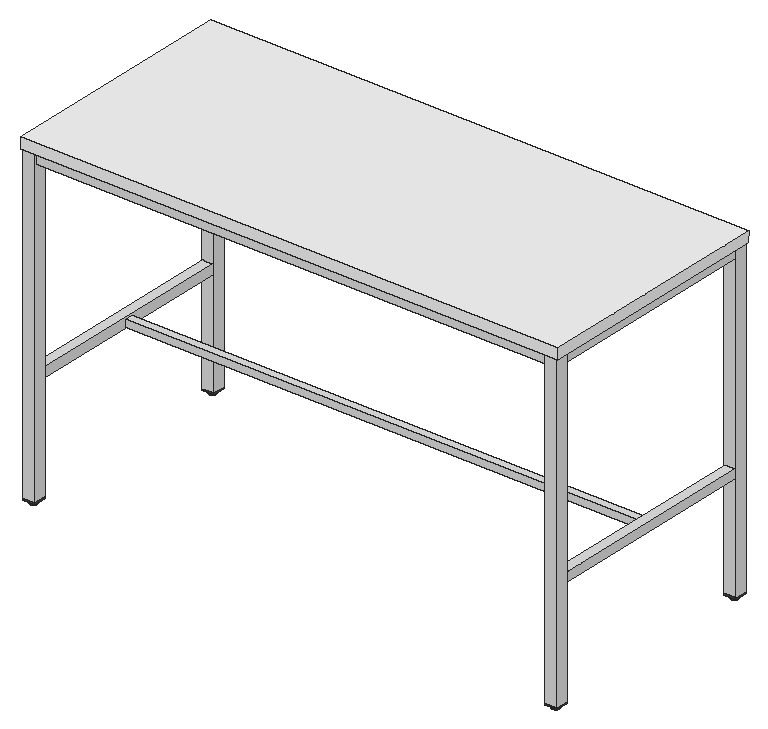
Revit family "Deck Steel Frame 800 Deep 1100 High", category Furniture, Revit 2016
Family settings
  OmniClass Number = 23.40.20.00
  OmniClass Title = General Furniture and Specialties
  Work Plane-Based = No
  Always vertical = Yes
  Cut with Voids When Loaded = No
  Shared = No
  Room Calculation Point = No
Parameters (values of type "1800 x 800")
  Width = 1800 mm
  URL = "www.gof.co.uk"
  Type Comments = ""
  Range = "DECK"
  Product Code = "DCPTSL188"
  Table Top = Gresham - White MFC
  Model = ""
  Manufacturer = "Gresham Office Furniture"  # constant formula
  Frame = Gresham - Silver Metal
  Foot = Gresham - Black Plastic
  Assembly Code = "E2020200"
Types (4, lengths in mm): name | Width | Product Code
  (no name) | 1800 | "DCPTSL188"
  1600 x 800 | 1600 | "DCPTSL168"
  1800 x 800 | 1800 | "DCPTSL188"
  1400 x 800 | 1400 | "DCPTSL148"
Reference planes
  plane 1 "Center (Front/Back)": y = 0
  plane 2: z = 0
  plane 3 "Center (Left/Right)": x = 0
  plane 4: x = -900
  plane 5: x = 900
  plane 6 "Table Underside": z = 1064
  plane 7: y = 400
  plane 8: y = -400
  plane 9 "Foot": z = 15
  plane 10 "Modesty Panel": z = 814
  plane 11: y = 62.5
  plane 12: y = -62.5
Forms (mm)
  Extrusion 1, solid, material "Gresham - Black Plastic"
    sketch origin (474.491, 501.168, 0) x (0.707107, -0.707107, 0) y (0.707107, 0.707107, 0)
      loop
        circle (902.648, -336.384) r 12
      loop
        circle (372.375, 193.889) r 12
    from 0 to 5
  Extrusion 2, solid, material "Gresham - White MFC" <- "Table Top"
    sketch origin (0, 0, 1064) x (-1, 0, 0) y (0, -1, 0)
      loop
        line (-900, -400) -> (900, -400) -> (900, 400) -> (-900, 400) -> (-900, -400)
    from 0 to 36
  Extrusion 3, solid, material "Gresham - Silver Metal" <- "Frame"
    sketch origin (995, -16.506, 0) x (0, -1, 0) y (0, 0, 1)
      loop
        line (338.494, 1064) -> (338.494, 15) -> (378.494, 15) -> (378.494, 1064) -> (338.494, 1064)
    from 100 to 140
  Extrusion 4, solid, material "Gresham - Silver Metal"
    sketch origin (0, 16.622, 15) x (-1, 0, 0) y (0, -1, 0)
      loop
        circle (-875, 391.622) r 5
      loop
        circle (-875, -358.378) r 5
    from -10 to -5
  Extrusion 5, solid, material "Gresham - Black Plastic" <- "Foot"
    sketch origin (0, 0, 15) x (-1, 0, 0) y (0, -1, 0)
      loop
        line (-895, 395) -> (-895, 355) -> (-855, 355) -> (-855, 395) -> (-895, 395)
      loop
        line (-895, -395) -> (-855, -395) -> (-855, -355) -> (-895, -355) -> (-895, -395)
      loop
        line (895, 395) -> (855, 395) -> (855, 355) -> (895, 355) -> (895, 395)
      loop
        line (895, -395) -> (895, -355) -> (855, -355) -> (855, -395) -> (895, -395)
    from 0 to -5
  Extrusion 6, solid, material "Gresham - Silver Metal" <- "Frame"
    sketch origin (-995, -16.506, 0) x (0, -1, 0) y (0, 0, -1)
      loop
        line (338.494, -1064) -> (378.494, -1064) -> (378.494, -15) -> (338.494, -15) -> (338.494, -1064)
    from 100 to 140
  Extrusion 7, solid, material "Gresham - Silver Metal" <- "Frame"
    sketch origin (995, 16.506, 0) x (0, 1, 0) y (0, 0, -1)
      loop
        line (338.494, -1064) -> (378.494, -1064) -> (378.494, -15) -> (338.494, -15) -> (338.494, -1064)
    from 100 to 140
  Extrusion 8, solid, material "Gresham - Silver Metal" <- "Frame"
    sketch origin (-995, 16.506, 0) x (0, 1, 0) y (0, 0, 1)
      loop
        line (338.494, 1064) -> (338.494, 15) -> (378.494, 15) -> (378.494, 1064) -> (338.494, 1064)
    from 100 to 140
  Extrusion 9, solid, material "Gresham - Black Plastic"
    sketch origin (-474.491, 501.168, 0) x (-0.707107, -0.707107, 0) y (0.707107, -0.707107, 0)
      loop
        circle (902.648, 336.384) r 12
      loop
        circle (372.375, -193.889) r 12
    from 0 to 5
  Extrusion 10, solid, material "Gresham - Silver Metal"
    sketch origin (0, 16.622, 15) x (1, 0, 0) y (0, 1, 0)
      loop
        circle (-875, -391.622) r 5
      loop
        circle (-875, 358.378) r 5
    from -10 to -5
  Extrusion 11, solid, material "Gresham - Silver Metal" <- "Frame"
    sketch origin (-855, -16.506, 0) x (0, -1, 0) y (0, 0, -1)
      loop
        line (374.494, -1064) -> (374.494, -1032) -> (342.494, -1032) -> (342.494, -1064) -> (374.494, -1064)
    from 0 to 1710
  Extrusion 12, solid, material "Gresham - Silver Metal" <- "Frame"
    sketch origin (-855, 16.506, 0) x (0, 1, 0) y (0, 0, 1)
      loop
        line (374.494, 1064) -> (342.494, 1064) -> (342.494, 1032) -> (374.494, 1032) -> (374.494, 1064)
    from 0 to 1710
  Extrusion 13, solid, material "Gresham - Silver Metal" <- "Frame"
    sketch origin (-516.506, 355, 0) x (-1, 0, 0) y (0, 0, -1)
      loop
        line (374.494, -1064) -> (374.494, -1032) -> (342.494, -1032) -> (342.494, -1064) -> (374.494, -1064)
    from 0 to 710
  Extrusion 14, solid, material "Gresham - Silver Metal" <- "Frame"
    sketch origin (516.506, 355, 0) x (1, 0, 0) y (0, 0, 1)
      loop
        line (374.494, 1064) -> (342.494, 1064) -> (342.494, 1032) -> (374.494, 1032) -> (374.494, 1064)
    from 0 to 710
  Extrusion 15, solid, material "Gresham - Silver Metal" <- "Frame"
    sketch origin (-516.506, 355, 1434) x (-1, 0, 0) y (0, 0, -1)
      loop
        line (374.494, 1064) -> (342.494, 1064) -> (342.494, 1032) -> (374.494, 1032) -> (374.494, 1064)
    from 0 to 710
  Extrusion 16, solid, material "Gresham - Silver Metal" <- "Frame"
    sketch origin (516.506, 355, 1434) x (1, 0, 0) y (0, 0, 1)
      loop
        line (374.494, -1064) -> (374.494, -1032) -> (342.494, -1032) -> (342.494, -1064) -> (374.494, -1064)
    from 0 to 710
  Extrusion 17, solid, material "Gresham - Silver Metal" <- "Frame"
    sketch origin (-859, 355, 402) x (0, 0, -1) y (0, 1, 0)
      loop
        line (28.5, -367.5) -> (28.5, -342.5) -> (3.5, -342.5) -> (3.5, -367.5) -> (28.5, -367.5)
    from 0 to 1718
Dimensions and locks
  locked: plane 6 "Table Underside" to plane 2 at 1064
  equal spacing: plane 4, plane 3 "Center (Left/Right)", plane 5
  "Width": plane 4 to plane 5
  equal spacing: plane 7, plane 1 "Center (Front/Back)", plane 8
  locked: plane 7 to plane 8 at 800
  locked: Extrusion 2 to level at 1100
  locked: plane 10 "Modesty Panel" to plane 6 "Table Underside" at 250
  locked: Extrusion 3 to Extrusion 3 at 40  (x2)
  plane 7 to Extrusion 3 = 755 mm
  locked: Extrusion 3 to plane 8 at 5
  plane 9 "Foot" to plane 2 = 15 mm
  locked: Extrusion 3 to plane 5 at 5
  equal spacing: plane 12, plane 1 "Center (Front/Back)", plane 11
  plane 11 to plane 12 = 125 mm
  locked: Extrusion 2 to Extrusion 2 at 36
  locked: Extrusion 2 to Extrusion 4 sketch curve at 25  (x2)
  locked: Extrusion 2 to Extrusion 1 sketch curve at 25.041
  locked: Extrusion 6 to Extrusion 6 at 40  (x2)
  locked: plane 7 to Extrusion 1 sketch curve at 25.041
  locked: Extrusion 4 sketch curve to Extrusion 2 at 25  (x2)
  locked: Extrusion 7 to Extrusion 7 at 40  (x2)
  locked: Extrusion 8 to Extrusion 8 at 40  (x2)
  locked: Extrusion 2 to Extrusion 10 sketch curve at 25
  locked: Extrusion 10 sketch curve to plane 8 at 25
  locked: plane 7 to Extrusion 10 sketch curve at 25
  locked: plane 4 to Extrusion 10 sketch curve at 25
  locked: Extrusion 2 to Extrusion 9 sketch curve at 25.1  (x2)
  locked: Extrusion 2 to Extrusion 9 sketch curve at 25.041  (x2)
  locked: Extrusion 1 sketch curve to plane 5 at 25.1  (x2)
  locked: Extrusion 7 to plane 5 at 5
  locked: plane 7 to Extrusion 7 at 5
  locked: plane 4 to Extrusion 8 at 5
  locked: plane 7 to Extrusion 8 at 5
  locked: plane 4 to Extrusion 6 at 5
  locked: Extrusion 6 to plane 8 at 5
  locked: Extrusion 11 sketch curve to Extrusion 11 sketch curve at 32
  locked: Extrusion 11 sketch curve to Extrusion 2 at 32
  locked: Extrusion 12 sketch curve to Extrusion 12 sketch curve at 32
  locked: Extrusion 13 sketch curve to Extrusion 13 sketch curve at 32
  locked: Extrusion 14 sketch curve to Extrusion 14 sketch curve at 32
  locked: Extrusion 15 sketch curve to Extrusion 15 sketch curve at 32
  locked: Extrusion 16 sketch curve to Extrusion 16 sketch curve at 32
  locked: Extrusion 16 to plane 9 "Foot" at 355
  locked: Extrusion 15 to plane 9 "Foot" at 355
  locked: Extrusion 17 sketch curve to Extrusion 17 sketch curve at 25  (x2)
  locked: Extrusion 17 to Extrusion 17 at 25
  locked: Extrusion 3 to Extrusion 16 at 4
  locked: Extrusion 6 to Extrusion 15 at 4
  locked: Extrusion 14 to plane 5 at 9
  locked: plane 4 to Extrusion 13 at 9
  locked: Extrusion 17 to plane 2 at 373.5
  plane 7 to plane 11 = 337.5 mm
  plane 12 to plane 8 = 337.5 mm
  aligned and locked: level to plane 2
  aligned and locked: Extrusion 2 to plane 8
  aligned and locked: plane 7 to Extrusion 2
  aligned and locked: Extrusion 2 sketch curve to plane 4
  aligned and locked: Extrusion 2 sketch curve to plane 8
  aligned and locked: Extrusion 2 sketch curve to plane 5
  aligned and locked: plane 7 to Extrusion 2 sketch curve
  aligned and locked: Extrusion 3 to plane 9 "Foot"
  aligned and locked: Extrusion 2 to plane 6 "Table Underside"
  aligned and locked: Extrusion 11 to Extrusion 3
  aligned and locked: Extrusion 12 to Extrusion 7
  aligned and locked: Extrusion 13 to Extrusion 8
  aligned and locked: Extrusion 13 to Extrusion 6
  aligned and locked: Extrusion 14 to Extrusion 7
  aligned and locked: Extrusion 14 to Extrusion 3
  aligned and locked: Extrusion 17 to Extrusion 14
  aligned and locked: Extrusion 17 to Extrusion 13
Automatic sketch dimensions
  Extrusion 3 sketch curve to plane 9 "Foot" = 0 mm
  Extrusion 3 sketch curve to plane 6 "Table Underside" = 0 mm
  plane 8 to Extrusion 3 sketch curve = 45 mm
  plane 8 to Extrusion 3 sketch curve = 5 mm
  Extrusion 6 sketch curve to plane 9 "Foot" = 0 mm
  Extrusion 6 sketch curve to plane 6 "Table Underside" = 0 mm
  plane 8 to Extrusion 6 sketch curve = 45 mm
  plane 8 to Extrusion 6 sketch curve = 5 mm
  Extrusion 7 sketch curve to plane 9 "Foot" = 0 mm
  Extrusion 7 sketch curve to plane 6 "Table Underside" = 0 mm
  Extrusion 7 sketch curve to plane 7 = 45 mm
  Extrusion 7 sketch curve to plane 7 = 5 mm
  Extrusion 8 sketch curve to plane 9 "Foot" = 0 mm
  Extrusion 8 sketch curve to plane 6 "Table Underside" = 0 mm
  Extrusion 8 sketch curve to plane 7 = 45 mm
  Extrusion 8 sketch curve to plane 7 = 5 mm
  Extrusion 11 sketch curve to Extrusion 6 = 0 mm
  Extrusion 11 sketch curve to Extrusion 6 = 4 mm
  Extrusion 6 to Extrusion 12 sketch curve = 0 mm
  Extrusion 6 to Extrusion 12 sketch curve = 714 mm
  Extrusion 12 sketch curve to Extrusion 6 = 32 mm
  Extrusion 13 sketch curve to plane 6 "Table Underside" = 0 mm
  plane 4 to Extrusion 13 sketch curve = 41 mm
  Extrusion 13 sketch curve to Extrusion 13 sketch curve = 32 mm
  Extrusion 14 sketch curve to plane 6 "Table Underside" = 0 mm
  plane 5 to Extrusion 14 sketch curve = 41 mm
  Extrusion 14 sketch curve to plane 6 "Table Underside" = 32 mm
  plane 4 to Extrusion 15 sketch curve = 41 mm
  plane 10 "Modesty Panel" to Extrusion 15 sketch curve = 412 mm
  Extrusion 15 sketch curve to Extrusion 15 sketch curve = 32 mm
  plane 5 to Extrusion 16 sketch curve = 41 mm
  plane 10 "Modesty Panel" to Extrusion 16 sketch curve = 444 mm
  Extrusion 16 sketch curve to Extrusion 16 sketch curve = 32 mm
  Extrusion 15 to Extrusion 17 sketch curve = 28.5 mm
  Extrusion 15 to Extrusion 17 sketch curve = 342.5 mm
  plane 5 to Extrusion 5 sketch curve = 5 mm  (x2)
  plane 8 to Extrusion 5 sketch curve = 5 mm  (x2)
  Extrusion 5 sketch curve to Extrusion 5 sketch curve = 40 mm  (x5)
  Extrusion 5 sketch curve to plane 7 = 5 mm  (x2)
  plane 4 to Extrusion 5 sketch curve = 45 mm  (x2)
  plane 4 to Extrusion 5 sketch curve = 5 mm  (x2)
  plane 8 to Extrusion 5 sketch curve = 45 mm
  radius of Extrusion 1 sketch curve = 12 mm  (x2)
  radius of Extrusion 4 sketch curve = 5 mm  (x2)
  radius of Extrusion 9 sketch curve = 12 mm  (x2)
  radius of Extrusion 10 sketch curve = 5 mm  (x2)
